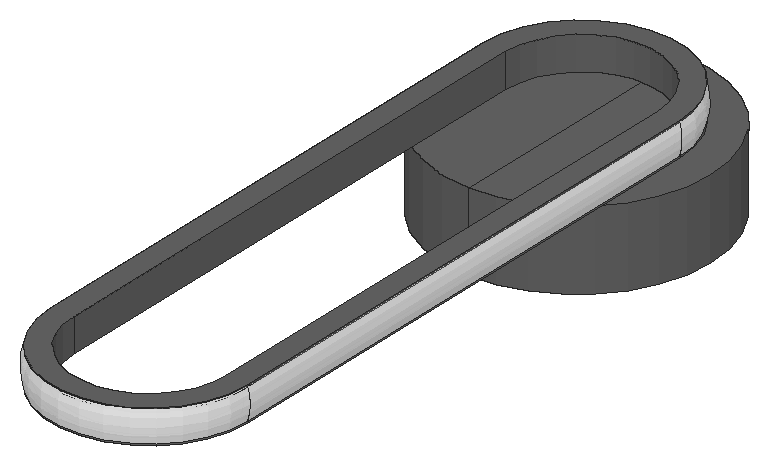
Revit family "AFX-Sienna-LED_Sconce-1", category Lighting Fixtures, host Face, Revit 2021
Family settings
  Host = Face
  Round Connector Dimension = Use Diameter
  Part Type = Normal
  Cut with Voids When Loaded = No
  Light Source = Yes
  Shared = No
  Room Calculation Point = No
Parameters (values of type "SIES0414L30D1BK")
  Width = 4 3/4"
  Wattage Comments = "10"
  Wattage = 9.2903 W
  built-in parameter 1150110 = 1 (stored number, unit not read)
  Voltage = 120 V
  URL = "https://www.afxinc.com/"
  Type Comments = "Sienna"  # constant formula
  built-in parameter 1114217 = 1 (stored number, unit not read)
  Tilt Angle = -90.00°
  built-in parameter 1150109 = 1 (stored number, unit not read)
  built-in parameter 1150134 = 3
  built-in parameter 1150113 = 1 (stored number, unit not read)
  Revit Model Built By = ""
  Product Documentation Link = "https://www.afxinc.com/products/productDetail.cfm?productID=2673"
  Power Factor = 1
  Photometric Web File = "SIES0414L30D1XX LR37496-W1.IES"
  Model = "SIES0414L30D1BK"
  Manufacturer = "AFX Inc"  # constant formula
  built-in parameter 1150105 = 109.82 (stored number, unit not read)
  Lumens = 1380 lm
  built-in parameter 1150115 = 1 (stored number, unit not read)
  built-in parameter 1150137 = (empty or 0)
  built-in parameter 1150139 = (empty or 0)
  built-in parameter 1150112 = 1 (stored number, unit not read)
  built-in parameter 1150114 = 1 (stored number, unit not read)
  Lamp = "LED"
  Keynote = "12500"
  built-in parameter 1150132 = (empty or 0)
  built-in parameter 1150102 = (empty or 0)
  built-in parameter 1150107 = 3200 (stored number, unit not read)
  built-in parameter 1150138 = (empty or 0)
  built-in parameter 1150106 = 1.0982 (stored number, unit not read)
  Height = 13 1/2"
  Emit from Rectangle Width = 24"
  Emit from Rectangle Length = 48"
  Emit Shape Visible in Rendering = no
  built-in parameter 1150104 = 13.8 (stored number, unit not read)
  Dimming Lamp Color Temperature Shift = <None>
  Diffuser Finish = AFX - White Acrylic
  Description = "LED Sconce - 4 3/4\"W x 2\"D x 13 1/2\"H"
  Depth = 2"
  Default Elevation = 48"
  Frame Finish = AFX - Black Steel
  Colour Rendering Index = "90"
  Color Filter = 16777215
  Canopy Finish = AFX - Black Steel
  built-in parameter 1114218 = 1 (stored number, unit not read)
  built-in parameter 1150133 = 10 (stored number, unit not read)
  Assembly Code = "D5020200"
  Apparent Load = 0 VA
Reference planes (in)
  plane 1 "Center (Front/Back)": y = 0
  plane 2: z = 0
  plane 3 "Center (Left/Right)": x = 0
  plane 4: z = 1.37795
  plane 5: z = 1.9685
  plane 6: y = 2.3622
  plane 7: y = -11.1378
  plane 8: x = -2.3622
  plane 9: x = 2.3622
  plane 10: y = -4.3878
Forms (in)
  Revolve 1, solid, material "AFX - Black Steel" <- "Canopy Finish"
    sketch origin (0, 0, 0) x (0, 1, 0) y (0, 0, 1)
      loop
        line (-2.3622, 0) -> (0, 0) -> (0, 1.37795) -> (-2.3622, 1.37795) -> (-2.3622, 0)
      axis (0, 1.37795) -> (0, 0)
    angle from 0 to 360
  Sweep 2, solid, material "AFX - Black Steel" <- "Frame Finish"
    path origin (0, 0, -20.71621) x (1, 0, 0) y (0, 1, 0)
      loop
        arc (-1.72976, -9.36133) -> (0, -11.09109) -> (1.72976, -9.36133) r 1.72976
        line (1.72976, -9.36133) -> (1.72976, 0.10195)
        arc (1.72976, 0.10195) -> (0, 1.83171) -> (-1.72976, 0.10195) r 1.72976
        line (-1.72976, 0.10195) -> (-1.72976, -9.36133)
    profile origin (-1.72976, -4.62969, -20.71621) x (-1, 0, 0) y (0, 0, 1)
      loop
        line (0, 22.68471) -> (-0.3937, 22.68471) -> (-0.3937, 22.09416) -> (0, 22.09416)
        arc (0, 22.09416) -> (-0.01728, 22.1474) -> (-0.05589, 22.18791) r 0.12612
        line (-0.05589, 22.18791) -> (-0.31496, 22.18791) -> (-0.31496, 22.59096) -> (-0.05589, 22.59096)
        arc (-0.05589, 22.59096) -> (-0.01728, 22.63148) -> (0, 22.68471) r 0.12612
  Sweep 3, solid, material "AFX - White Acrylic" <- "Diffuser Finish"
    path origin (0, 0, -20.71621) x (1, 0, 0) y (0, 1, 0)
      loop
        arc (-1.72976, -9.36325) -> (0, -11.09301) -> (1.72976, -9.36325) r 1.72976
        line (1.72976, -9.36325) -> (1.72976, 0.10195)
        arc (1.72976, 0.10195) -> (0, 1.83171) -> (-1.72976, 0.10195) r 1.72976
        line (-1.72976, 0.10195) -> (-1.72976, -9.36325)
    profile origin (-1.72976, -4.63065, -20.71621) x (-1, 0, 0) y (0, 0, 1)
      loop
        arc (-0.00189, 22.67161) -> (-0.02084, 22.62589) -> (-0.05589, 22.59096) r 0.12629
        line (-0.05589, 22.59096) -> (-0.11839, 22.59096)
        arc (-0.11839, 22.59096) -> (-0.07399, 22.38944) -> (-0.11839, 22.18791) r 0.47955
        line (-0.11839, 22.18791) -> (-0.05589, 22.18791)
        arc (-0.05589, 22.18791) -> (-0.02084, 22.15299) -> (-0.00189, 22.10727) r 0.12629
        arc (-0.00189, 22.10727) -> (0.0432, 22.38944) -> (-0.00189, 22.67161) r 0.90538
Lines and regions (in)
  symbolic lines
    curve 1: line (2.3622, 0, 1.37795) -> (-2.3622, 0, 1.37795)
    curve 2: line (2.3622, 0, 0) -> (2.3622, 0, 1.37795)
    curve 3: line (-2.3622, 0, 0) -> (2.3622, 0, 0)
    curve 4: line (-2.3622, 0, 1.37795) -> (-2.3622, 0, 0)
    curve 5: line (1.72976, 0, 1.9685) -> (-1.72976, 0, 1.9685)
    curve 6: arc (1.72976, 0, 1.9685) -> (1.77305, 0, 1.67323) -> (1.72976, 0, 1.37795) r 1.02873
    curve 7: arc (-1.72976, 0, 1.9685) -> (-1.77305, 0, 1.67323) -> (-1.72976, 0, 1.37795) r 1.02873
Dimensions and locks (in)
  plane 6 to plane 7 = 13 1/2"
  equal spacing: plane 8, plane 3 "Center (Left/Right)", plane 9
  plane 8 to plane 9 = 4.72441"
  equal spacing: plane 6, plane 10, plane 7
  plane 5 to plane 4 to plane 2 = 0.59055" locked, 1.37795" locked
  aligned and locked: plane 2 to host face
  aligned and locked: plane 10 to imposter light
  aligned and locked: imposter light to plane 3 "Center (Left/Right)"
Automatic sketch dimensions
  host sketch curve to host sketch curve = 96"  (x2)
  Revolve 1 sketch curve to plane 4 = 0"
  Revolve 1 sketch curve to plane 2 = 0"
  Revolve 1 sketch curve to plane 1 "Center (Front/Back)" = 0"  (x2)
  plane 1 "Center (Front/Back)" to Revolve 1 sketch curve = 2.3622"
  Revolve 1 sketch curve to Revolve 1 sketch curve = 3.2815"
  plane 5 to Revolve 1 sketch curve = 3 1/2"
  Sweep 2 sketch curve to plane 3 "Center (Left/Right)" = 0"
  Sweep 2 sketch curve to plane 1 "Center (Front/Back)" = 0.10195"
  plane 8 to Sweep 2 sketch curve = 0.63245"
  plane 7 to Sweep 2 sketch curve = 1.77647"
  Sweep 2 sketch curve to profile plane = 0"  (x2)
  profile plane to Sweep 2 sketch curve = 0.05589"  (x2)
  profile plane to Sweep 2 sketch curve = 0.12561"  (x2)
  Sweep 2 sketch curve to Sweep 2 sketch curve = 0.18936"
  Sweep 2 sketch curve to Sweep 2 sketch curve = 0.07874"
  profile plane to Sweep 2 sketch curve = 22.08281"
  Sweep 2 sketch curve to Sweep 2 sketch curve = 0.01135"
  Sweep 2 sketch curve to Sweep 2 sketch curve = 0.40305"
  Sweep 2 sketch curve to Sweep 2 sketch curve = 3/32"
  Sweep 3 sketch curve to plane 3 "Center (Left/Right)" = 0"
  Sweep 3 sketch curve to plane 1 "Center (Front/Back)" = 0.10195"
  plane 8 to Sweep 3 sketch curve = 0.63245"
  plane 7 to Sweep 3 sketch curve = 1.77455"
  profile plane to Sweep 3 sketch curve = 0.86218"
  Sweep 3 sketch curve to Sweep 3 sketch curve = 0.30864"
  profile plane to Sweep 3 sketch curve = 0.12577"  (x2)
  Sweep 3 sketch curve to Sweep 3 sketch curve = 0.00738"  (x2)
  profile plane to Sweep 3 sketch curve = 0.05589"  (x2)
  profile plane to Sweep 3 sketch curve = 22.08271"
  Sweep 3 sketch curve to Sweep 3 sketch curve = 0.1052"  (x2)
  Sweep 3 sketch curve to Sweep 3 sketch curve = 0.20153"
  Sweep 3 sketch curve to Sweep 3 sketch curve = 0"
  profile plane to Sweep 3 sketch curve = 0.00189"
  curve 1 to plane 4 = 0"
  curve 1 to plane 8 = 0"
  curve 7 to plane 5 = 0"
  plane 9 to curve 2 = 0"
  curve 3 to plane 2 = 0"
  plane 8 to curve 5 = 0.63245"
  plane 4 to curve 7 = 0.29528"
  curve 7 to plane 3 "Center (Left/Right)" = 0.74432"
  plane 4 to curve 6 = 0.29528"
  plane 3 "Center (Left/Right)" to curve 6 = 0.74432"
  plane 9 to curve 5 = 0.63245"
Connectors (in)
  electrical at (0, 0, 0), driven by "Voltage", driven by "Apparent Load", driven by "Power Factor"
    settings: on Revolve 1, index 1, voltage 120 V, apparent load 0 VA, apparent load phase1 0 VA, apparent load phase2 0 VA, apparent load phase3 0 VA, power factor 1, load classification "Lighting", number of poles 1, system type 31, power factor state 1, is connector primary yes, connector utility no, sub classification motor no, connector description ""
